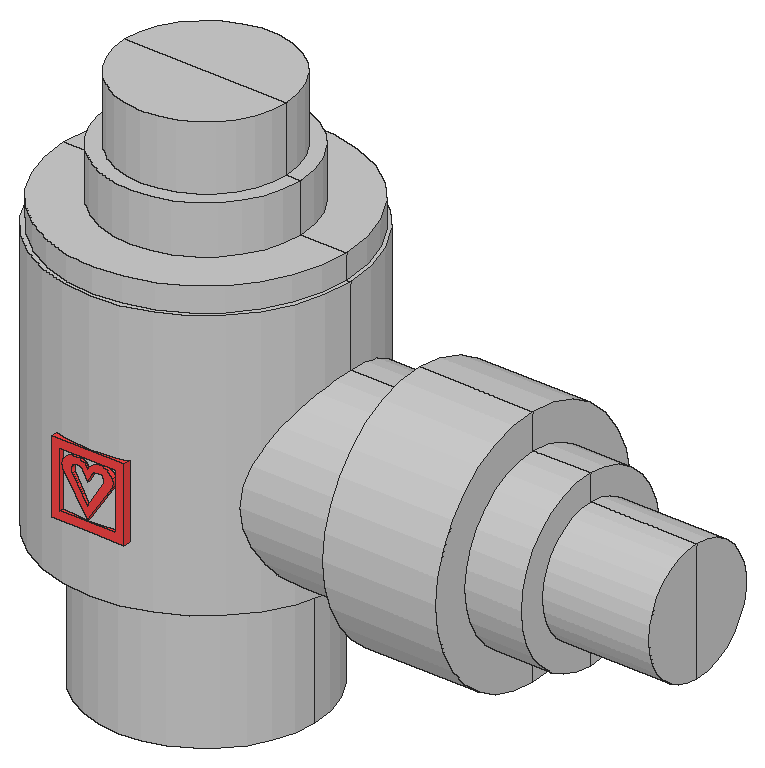
Revit family "Клапан для отключения радиатора с высокой пропускной способностью HERZ-RL-1-E, угловой 3724", category Rohrzubehör, Revit 2019
Family settings
  Bemaßung runder Anschluss = Durchmesser verwenden
  Teiletyp = Unterbricht
  OmniClass-Nummer = 23.65.55.14
  OmniClass-Titel = Valves for Liquid Services
  Arbeitsebenenbasiert = Nein
  Immer vertikal = Nein
  Beim Laden mit Abzugskörper schneiden = Nein
  Gemeinsam genutzt = Nein
Parameters
  Среда = "Качество воды в соответствии с ÖNORM H 5195 или директивой VDI 2035."
  Область применения = "Система водяного отопления. С помощью установки радиаторных запорных клапанов возможно осуществить перекрытие обратного потока нагревательных приборов. При одновременном перекрытии с клапаном на подающем трубопроводе возможен демонтаж радиатора в системе, которая находится под давлением."
  Номер заказа [instance] = size_lookup("3724_1E_", "Artnr", 0, Nennweite)  # 1372401
  Макс. рабочее давление = 1000000.0 Pa  # constant formula
  Макс. рабочая температура = 120 °C  # constant formula
  Корпус = "Никелированная латунь"  # constant formula
  Исполнение = "Стандартные модели с резьбовой муфтой в никелированном исполнении."
  W01 = 120.00°  # constant formula
  URL = "www.herz-armaturen.ru"
  SCRNSEQ = "ARM;ARM_TYP=\"ALLF\";2"
  SCRNCODE = "05;01;02"  # constant formula
  S04 = 45.000 mm  # constant formula
  S03 [instance] = H02 - 5.000 mm + 41.000 mm  # 57.500 mm
  S02 [instance] = L04 + L03 - L02  # 26.800 mm
  S01 = 10.000 mm  # constant formula
  R04 = 10.000 mm  # constant formula
  R03 = 11.750 mm  # constant formula
  R02 = 17.500 mm  # constant formula
  Nennweite [instance] = 15.000 mm
  LO1 [instance] = R01 - 0.500 mm  # 17.500 mm
  L05 = 19.500 mm  # constant formula
  L04 [instance] = size_lookup("3724_1E_", "L4", 1.000 mm, Nennweite)  # 20.300 mm
  L03 [instance] = size_lookup("3724_1E_", "L3", 1.000 mm, Nennweite)  # 14.000 mm
  L02 [instance] = size_lookup("3724_1E_", "L2", 1.000 mm, Nennweite)  # 7.500 mm
  L01 [instance] = size_lookup("3724_1E_", "L1", 1.000 mm, Nennweite)  # 34.000 mm
  Hersteller = "HERZ Armaturen Ges.m.b.H."  # constant formula
  H06 = 14.000 mm  # constant formula
  H05 = 8.000 mm  # constant formula
  H04 = 17.000 mm  # constant formula
  H03 [instance] = H01 - D03  # 17.250 mm
  H02 [instance] = size_lookup("3724_1E_", "H2", 1.000 mm, Nennweite) - 5.000 mm  # 21.500 mm
  H01 [instance] = size_lookup("3724_1E_", "H1", 1.000 mm, Nennweite)  # 29.000 mm
  GT1 [instance] = size_lookup("3724_1E_", "GT1", 1.000 mm, Nennweite)  # 13.200 mm
  GT [instance] = size_lookup("3724_1E_", "GT", 1.000 mm, Nennweite)  # 12.300 mm
  G2 [instance] = Nennweite / 2  # 7.500 mm
  G1 [instance] = Nennweite / 2  # 7.500 mm
  R01 = 18.000 mm  # constant formula
  D05 [instance] = size_lookup("3724_1E_", "D5", 1.000 mm, Nennweite)  # 10.650 mm
  D04 [instance] = size_lookup("3724_1E_", "D4", 1.000 mm, Nennweite)  # 15.000 mm
  D03 [instance] = size_lookup("3724_1E_", "D3", 1.000 mm, Nennweite)  # 11.750 mm
  D02 [instance] = size_lookup("3724_1E_", "D2", 1.000 mm, Nennweite)  # 9.525 mm
  D01 [instance] = size_lookup("3724_1E_", "D1", 1.000 mm, Nennweite)  # 13.500 mm
Reference planes
  plane 1 "Mitte (Vorne/hinten)": y = 0
  plane 2: z = 0
  plane 3 "Mitte (Links/rechts)": x = 0
Forms (mm)
  Revolve 1, solid, material "Messing, weicher Gelbton, geschweißt", detail levels fine
    sketch origin (0, 0, 0) x (1, 0, 0) y (0, 0, 1)
      loop
        line (0, 21.5) -> (-18, 21.5) -> (-18, -11.75) -> (-13.5, -11.75) -> (-13.5, -29) -> (-7.5, -29) -> (-7.5, -16.7) -> (0, -16.7) -> (0, 21.5)
      axis (0, 21.5) -> (0, -29)
    angle from 0 to 360
  Revolve 2, solid, material "Messing, weicher Gelbton, geschweißt", detail levels fine
    sketch origin (0, 0, 0) x (1, 0, 0) y (0, 0, 1)
      loop
        line (34, 0) -> (34, 9.525) -> (26.5, 9.525) -> (26.5, 11.75) -> (0, 11.75) -> (0, 0) -> (34, 0)
      axis (0, 0) -> (34, 0)
    angle from 0 to 360
  Revolve 3, solid, material "Messing, weicher Gelbton, geschweißt", detail levels fine
    sketch origin (-1, 0, 0) x (1, 0, 0) y (0, 0, 1)
      loop
        line (35, 0) -> (61.8, 0) -> (61.8, 7.5) -> (48.6, 7.5) -> (48.6, 10.65) -> (41.5, 10.65) -> (41.5, 15) -> (27.5, 15) -> (27.5, 9.525) -> (35, 9.525) -> (35, 0)
      axis (27.5, 0) -> (61.8, 0)
    angle from 0 to 360
  Revolve 4, solid, material "Messing, weicher Gelbton, geschweißt", detail levels fine
    sketch origin (0, 0, 0) x (1, 0, 0) y (0, 0, 1)
      loop
        line (0, 21.5) -> (0, 38.5) -> (-10, 38.5) -> (-10, 30.5) -> (-11.75, 30.5) -> (-11.75, 24.5) -> (-17.5, 24.5) -> (-17.5, 21.5) -> (0, 21.5)
      axis (0, 38.5) -> (0, 21.5)
    angle from 0 to 360
Lines and regions (mm)
  model lines, detail levels coarse+medium
    curve 1: line (0, 0, 0) -> (13.5, 0, -29)
    curve 2: line (13.5, 0, -29) -> (-13.5, 0, -29)
    curve 3: line (-13.5, 0, -29) -> (0, 0, 0)
    curve 4: line (0, 0, 0) -> (34, 0, 15)
    curve 5: line (34, 0, 15) -> (34, 0, -15)
    curve 6: line (34, 0, -15) -> (0, 0, 0)
    curve 7: line (34, 0, 15) -> (44, 0, 15)
    curve 8: line (44, 0, 15) -> (34, 0, 0)
    curve 9: line (34, 0, -15) -> (44, 0, -15)
    curve 10: line (44, 0, -15) -> (34, 0, 0)
    curve 11: line (34, 0, 0) -> (60.8, 0, 0)
    curve 12: line (0, 0, 0) -> (13.5, -29, 0)
    curve 13: line (13.5, -29, 0) -> (-13.5, -29, 0)
    curve 14: line (-13.5, -29, 0) -> (0, 0, 0)
    curve 15: line (0, 0, 0) -> (34, 15, 0)
    curve 16: line (34, 15, 0) -> (34, -15, 0)
    curve 17: line (34, -15, 0) -> (0, 0, 0)
    curve 18: line (34, 15, 0) -> (44, 15, 0)
    curve 19: line (44, 15, 0) -> (34, 0, 0)
    curve 20: line (34, -15, 0) -> (44, -15, 0)
    curve 21: line (34, 0, 0) -> (44, -15, 0)
Dimensions and locks
  "H02": Revolve 1 sketch curve to plane 2
  "H01": plane 2 to Revolve 1 sketch curve
  "R01": Revolve 1 sketch curve to Revolve 1 sketch curve
  "G1": Revolve 1 sketch curve to Revolve 1 sketch curve
  "D01": Revolve 1 sketch curve to Revolve 1 sketch curve
  "GT": Revolve 1 sketch curve to Revolve 1 sketch curve
  "H03": Revolve 1 sketch curve to Revolve 1 sketch curve
  "L02": Revolve 2 sketch curve to Revolve 2 sketch curve
  "LO1": nested 1 to plane 1 "Mitte (Vorne/hinten)"
  "L02": Revolve 3 sketch curve to Revolve 3 sketch curve
  "L03": Revolve 3 sketch curve to Revolve 3 sketch curve
  "L04": Revolve 3 sketch curve to Revolve 3 sketch curve
  "D04": Revolve 3 sketch curve to Revolve 3 sketch curve
  "G2": Revolve 3 sketch curve to Revolve 3 sketch curve
  "D05": Revolve 3 sketch curve to Revolve 3 sketch curve
  "GT1": Revolve 3 sketch curve to Revolve 3 sketch curve
  "L01": plane 3 "Mitte (Links/rechts)" to Revolve 3 sketch curve
  "D02": Revolve 3 sketch curve to plane 2
  "H01": plane 2 to curve 2
  "L01": curve 5 to plane 3 "Mitte (Links/rechts)"
  "D01": curve 2 to plane 3 "Mitte (Links/rechts)" to curve 3
  "D04": curve 5 to plane 2 to curve 6
  "S01": curve 5 to curve 8
  "S01": curve 5 to curve 10
  "S02": curve 11 to curve 11
  "H01": curve 13 to plane 1 "Mitte (Vorne/hinten)"
  "D01": curve 14 to plane 3 "Mitte (Links/rechts)" to curve 13
  "L01": plane 3 "Mitte (Links/rechts)" to curve 16
  "D04": curve 17 to plane 1 "Mitte (Vorne/hinten)" to curve 16
  "S01": curve 16 to curve 19
  "S01": curve 16 to curve 21
  "L01": Revolve 2 sketch curve to plane 3 "Mitte (Links/rechts)"
  "D03": Revolve 2 sketch curve to plane 2
  "D02": Revolve 2 sketch curve to plane 2
  "H02": Revolve 4 sketch curve to plane 2
  "H04": Revolve 4 sketch curve to Revolve 4 sketch curve
  "H05": Revolve 4 sketch curve to Revolve 4 sketch curve
  "H06": Revolve 4 sketch curve to Revolve 4 sketch curve
  "R04": Revolve 4 sketch curve to Revolve 4 sketch curve
  "R03": Revolve 4 sketch curve to Revolve 4 sketch curve
  "R02": Revolve 4 sketch curve to Revolve 4 sketch curve
  aligned and locked: level to plane 2
Automatic sketch dimensions
  curve 4 to level = 0.000 mm
  curve 4 to plane 3 "Mitte (Links/rechts)" = 0.000 mm
  curve 11 to level = 0.000 mm
  curve 8 to level = 0.000 mm
  plane 1 "Mitte (Vorne/hinten)" to curve 14 = 0.000 mm
  curve 14 to plane 3 "Mitte (Links/rechts)" = 0.000 mm
  plane 1 "Mitte (Vorne/hinten)" to curve 19 = 0.000 mm
  Revolve 1 sketch curve to plane 3 "Mitte (Links/rechts)" = 0.000 mm  (x2)
  Revolve 1 sketch curve to Revolve 1 sketch curve = 345.545 mm
  Revolve 1 sketch curve to Revolve 1 sketch curve = 2189.815 mm
  Revolve 2 sketch curve to level = 0.000 mm  (x2)
  Revolve 2 sketch curve to plane 3 "Mitte (Links/rechts)" = 0.000 mm
  Revolve 2 sketch curve to plane 3 "Mitte (Links/rechts)" = 1506.530 mm
  Revolve 2 sketch curve to Revolve 2 sketch curve = 1815.148 mm
  Revolve 3 sketch curve to level = 0.000 mm  (x2)
  Revolve 3 sketch curve to plane 3 "Mitte (Links/rechts)" = 1507.530 mm
  Revolve 3 sketch curve to Revolve 3 sketch curve = 1789.648 mm
  Revolve 4 sketch curve to plane 3 "Mitte (Links/rechts)" = 0.000 mm  (x2)
  Revolve 4 sketch curve to level = 366.045 mm
  Revolve 4 sketch curve to Revolve 4 sketch curve = 2164.815 mm
Nested families
  nested 1: "Herz-Logo-vorne" at (0, -17.5, 0) x (0, -1, 0) z (0, 0, 1), type "Herz-Logo-vorne", detail levels fine
Connectors
  piping at (0, 0, -16.7), diameter 15, driven by "Nennweite"
    settings: on Revolve 1, index 1, connector inside diameter 609.6 mm, connector length 0.000 mm, flow factor 0, pipe flow 0.0 L/s, pressure drop 0.0 Pa, fitting loss kfactor 0, connector angle 0.00°, fixture units 0, engagement length 0.000 mm, angle of deflection 0.00°, flow configuration 0, flow direction 1, fitting loss method 0, system type 8, joint type 0, gender type 0, connector reference index -1, connector utility 0, adjustable connector no, is connector primary yes, connector description ""
  piping at (60.8, 0, 0), diameter 15, driven by "Nennweite"
    settings: on Revolve 3, index 2, connector inside diameter 609.6 mm, connector length 0.000 mm, flow factor 0, pipe flow 0.0 L/s, pressure drop 0.0 Pa, fitting loss kfactor 0, connector angle 0.00°, fixture units 0, engagement length 0.000 mm, angle of deflection 0.00°, flow configuration 0, flow direction 2, fitting loss method 0, system type 8, joint type 0, gender type 0, connector reference index -1, connector utility 0, adjustable connector no, is connector primary no, connector description ""
Definition of nested family "Herz-Logo-vorne"
  Reference planes
    plane 1 "Mitte (Vorne/hinten)": y = 0
    plane 2: z = 0
    plane 3 "Mitte (Links/rechts)": x = 0
  Forms (mm)
    Extrusion 1, solid
      sketch origin (0.732, -0.018, 0.017) x (0, -1, 0) y (0, 0, 1)
        loop
          line (-0.018, -4.517) -> (4.482, -4.517) -> (4.482, 4.483) -> (-4.518, 4.483) -> (-4.518, -4.517) -> (-0.018, -4.517)
        loop
          line (-0.05, -3.48) -> (3.482, -3.48) -> (3.482, 3.483) -> (-3.518, 3.483) -> (-3.518, -3.48) -> (-0.05, -3.48)
        loop
          arc (-0.018, 2.383) -> (-1.543, 3.287) -> (-3.067, 2.383) r 1.738
          arc (-3.067, 2.383) -> (-3.191, 1.899) -> (-3.067, 1.415) r 1.009
          line (-3.067, 1.415) -> (-0.018, -3.281) -> (3.032, 1.415)
          arc (3.032, 1.415) -> (3.156, 1.899) -> (3.032, 2.383) r 1.009
          arc (3.032, 2.383) -> (1.507, 3.287) -> (-0.018, 2.383) r 1.738
        loop
          arc (1.885, 1.272) -> (2.005, 1.675) -> (1.885, 2.079) r 0.74
          arc (1.885, 2.079) -> (1.265, 2.416) -> (0.644, 2.079) r 0.74
          line (0.644, 2.079) -> (-0.018, 0.97) -> (-0.679, 2.079)
          arc (-0.679, 2.079) -> (-1.3, 2.416) -> (-1.921, 2.079) r 0.74
          arc (-1.921, 2.079) -> (-2.04, 1.675) -> (-1.921, 1.272) r 0.74
          line (-1.921, 1.272) -> (-0.018, -1.658) -> (1.885, 1.272)
      from 0 to 1.5
  Dimensions and locks
    aligned and locked: level to plane 2
